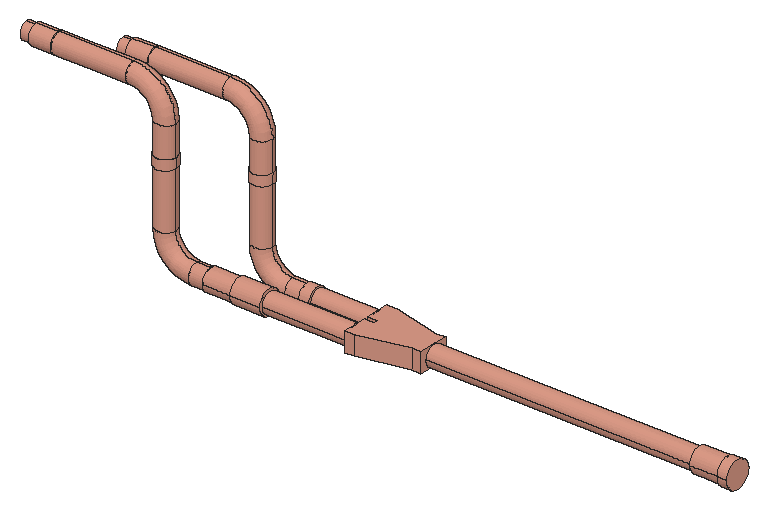
Revit family "outputfile", category 配管付属品, Revit 2024
Family settings
  丸型コネクタ寸法 = 半径を使用
  パーツ タイプ = 標準
  OmniClass 番号 = 23.65.55.00
  OmniClass タイトル = Distribution of Supplied Liquids/Gases
  作業面ベース = いいえ
  常に垂直 = はい
  ロード時にボイドで切り取り = いいえ
  共有 = いいえ
Parameters (values of type "BHFP22MA56")
  Description = ""
  製造元 = "Daikin"
  書き出し IFC クラス(タイプ) = "IfcPipeFittingType"
  Default Elevation = 0.0 mm
  定義済み IFC タイプ(タイプ) = "JUNCTION"
  Cost = 0
  モデル = "BHFP22MA56"
  Type Comments = ""
  Keynote = ""
  Type Image = (empty or 0)
  Assembly Code = ""
  table_PipeToCU_B [instance] = if(mm⇔inch, "Multi Module Kit_BHFP22MA-_Gas_PipeToCU_B", "Multi Module Kit_BHFP22MA-_Gas_PipeToCU_B_inch")  # "Multi Module Kit_BHFP22MA-_Gas_PipeToCU_B"
  table_PipeToCU_A [instance] = if(mm⇔inch, "Multi Module Kit_BHFP22MA-_Gas_PipeToCU_A", "Multi Module Kit_BHFP22MA-_Gas_PipeToCU_A_inch")  # "Multi Module Kit_BHFP22MA-_Gas_PipeToCU_A"
  table_ToMainPipe [instance] = if(mm⇔inch, "Multi Module Kit_BHFP22MA-_Gas_ToMainPipe", "Multi Module Kit_BHFP22MA-_Gas_ToMainPipe_inch")  # "Multi Module Kit_BHFP22MA-_Gas_ToMainPipe"
  switch_PipeToCU_B Reducer [instance] = if(and(Is_PipeToCU_B Reducer = 1, judge_IsOffsetPipe_ToOutdoorUnitB = 0), 1 = 1, 1 = 0)  # yes
  switch_PipeToCU_B4 [instance] = if(number_PipeToCU_B < 4, 1 = 0, 1 = 1)  # no
  switch_PipeToCU_B3 [instance] = if(number_PipeToCU_B < 3, 1 = 0, 1 = 1)  # no
  switch_PipeToCU_B2 [instance] = if(number_PipeToCU_B < 2, 1 = 0, 1 = 1)  # yes
  switch_PipeToCU_A Reducer [instance] = if(Is_PipeToCU_A Reducer = 1, 1 = 1, 1 = 0)  # yes
  switch_ToMainPipe Reducer [instance] = if(Is_ToMainPipe Reducer = 1, 1 = 1, 1 = 0)  # no
  switch_ToMainPipe2 [instance] = if(number_ToMainPipe < 2, 1 = 0, 1 = 1)  # yes
  switch_Offset Reducer(4) [instance] = if(and([judge_JointType(1or2)] = 1, Is_PipeToCU_B Reducer = 1, judge_IsOffsetPipe_ToOutdoorUnitB = 1), 1 = 1, 1 = 0)  # no
  switch_Offset Reducer(3) [instance] = if(and([judge_JointType(1or2)] = 2, Is_PipeToCU_B Reducer = 1, judge_IsOffsetPipe_ToOutdoorUnitB = 1), 1 = 1, 1 = 0)  # no
  r_PipeToCU_B_ActualDiameter [instance] = PipeToCU_B_Gas_ActualDiameter / 2  # 9.55 mm
  r_PipeToCU_A_ActualDiameter [instance] = PipeToCU_A_Gas_ActualDiameter / 2  # 9.55 mm
  r_ToMainPipe_ActualDiameter [instance] = ToMainPipe_Gas_ActualDiameter / 2  # 15.9 mm
  number_PipeToCU_B ReducerPipe [instance] = size_lookup(table_PipeToCU_B, "reducerPipeNumber", 2, モデル, judge_IsOffsetPipe_ToOutdoorUnitB, PipeToCU_B_Gas_ActualDiameter)  # 2
  number_PipeToCU_B [instance] = size_lookup(table_PipeToCU_B, "pipeNumber", 2, モデル, judge_IsOffsetPipe_ToOutdoorUnitB, PipeToCU_B_Gas_ActualDiameter)  # 2
  number_PipeToCU_A ReducerPipe [instance] = size_lookup(table_PipeToCU_A, "reducerPipeNumber", 2, モデル, PipeToCU_A_Gas_ActualDiameter)  # 2
  number_ToMainPipe [instance] = size_lookup(table_ToMainPipe, "pipeNumber", 2, モデル, ToMainPipe_Gas_ActualDiameter)  # 2
  mm⇔inch [instance] = yes
  h_PipeToCU_B Connector [instance] = if(Is_PipeToCU_B Reducer = 1, 200.0 mm, 0.0 mm)  # 200.0 mm
  h_PipeToCU_A Connector [instance] = if(Is_PipeToCU_A Reducer = 1, 200.0 mm, 0.0 mm)  # 200.0 mm
  angle_PipeToCU_B Reducer [instance] = 90.00°  # constant formula
  Unit Type = "BHFP22MA-_Gas"
  Uniclass2015Version = "Products v1.31"
  Uniclass2015Title = "Copper pipe fittings"
  Uniclass2015Code = "Pr_65_52_63_18"
  URL = ""
  ToMainPipe_Gas_Status [instance] = size_lookup(table_ToMainPipe, "Information", "The connected pipe size is not available.", モデル, ToMainPipe_Gas_ActualDiameter)  # "Default connector size is used."
  ToMainPipe_Gas_ActualDiameter [instance] = 31.8 mm
  Tag No. [instance] = ""
  Series = "Multi Module kit"
  PipeToCU_B_Gas_Status [instance] = size_lookup(table_PipeToCU_B, "Information", "The connected pipe size is not available.", モデル, judge_IsOffsetPipe_ToOutdoorUnitB, PipeToCU_B_Gas_ActualDiameter)  # "Reducer is used at connector."
  PipeToCU_B_Gas_ActualDiameter [instance] = 19.1 mm
  PipeToCU_A_Gas_Status [instance] = size_lookup(table_PipeToCU_A, "Information", "The connected pipe size is not available.", モデル, PipeToCU_A_Gas_ActualDiameter)  # "Reducer is used at connector."
  PipeToCU_A_Gas_ActualDiameter [instance] = 19.1 mm
  Material_Piping = DAIKIN_Copper_Pipe
  Material_Insulation = DAIKIN_White_Insulation
  location_PipeToCU_B connector [instance] = size_lookup(table_PipeToCU_B, "Locationconnector", 0.0 mm, モデル, judge_IsOffsetPipe_ToOutdoorUnitB, PipeToCU_B_Gas_ActualDiameter)  # 0.0 mm
  location_PipeToCU_A connector [instance] = size_lookup(table_PipeToCU_A, "Locationconnector", 0.0 mm, モデル, PipeToCU_A_Gas_ActualDiameter)  # 0.0 mm
  l_PipeToCU_B connector [instance] = size_lookup(table_PipeToCU_B, "Length", 414.0 mm, モデル, judge_IsOffsetPipe_ToOutdoorUnitB, PipeToCU_B_Gas_ActualDiameter)  # 414.0 mm
  l_PipeToCU_B Reducer [instance] = 100.0 mm  # constant formula
  l_PipeToCU_B4 [instance] = size_lookup(table_PipeToCU_B, "L_Pipe4", 10.0 mm, モデル)  # 10.0 mm
  l_PipeToCU_B3 [instance] = size_lookup(table_PipeToCU_B, "L_Pipe3", 30.0 mm, モデル)  # 30.0 mm
  l_PipeToCU_B2 [instance] = size_lookup(table_PipeToCU_B, "L_Pipe2", 36.0 mm, モデル)  # 36.0 mm
  l_PipeToCU_B1 [instance] = size_lookup(table_PipeToCU_B, "L_Pipe1", 37.5 mm, モデル)  # 37.5 mm
  l_PipeToCU_B0 [instance] = size_lookup(table_PipeToCU_B, "L_Pipe0", 108.0 mm, モデル)  # 108.0 mm
  l_PipeToCU_A connector [instance] = size_lookup(table_PipeToCU_A, "Length", 320.0 mm, モデル, PipeToCU_A_Gas_ActualDiameter)  # 320.0 mm
  l_PipeToCU_A1 [instance] = size_lookup(table_PipeToCU_A, "L_Pipe1", 13.0 mm, モデル)  # 13.0 mm
  l_PipeToCU_A0 [instance] = size_lookup(table_PipeToCU_A, "L_Pipe0", 75.0 mm, モデル)  # 75.0 mm
  l_ToMainPipe connector [instance] = size_lookup(table_ToMainPipe, "Length", 384.0 mm, モデル, ToMainPipe_Gas_ActualDiameter)  # 384.0 mm
  l_ToMainPipe Reducer [instance] = size_lookup(table_ToMainPipe, "L_Reducer", 2.0 mm, モデル, ToMainPipe_Gas_ActualDiameter)  # 2.0 mm
  l_ToMainPipe2 [instance] = size_lookup(table_ToMainPipe, "L_Pipe2", 12.0 mm, モデル)  # 12.0 mm
  l_ToMainPipe1 [instance] = size_lookup(table_ToMainPipe, "L_Pipe1", 36.0 mm, モデル)  # 36.0 mm
  l_ToMainPipe0 [instance] = size_lookup(table_ToMainPipe, "L_Pipe0", 336.0 mm, モデル)  # 336.0 mm
  judge_IsOffsetPipe_ToOutdoorUnitB [instance] = 0  # constant formula
  judge_JointType(1or2) = 2
  count_PipeToCU_B Reducer [instance] = size_lookup(table_PipeToCU_B, "reducerCount", 1, モデル, judge_IsOffsetPipe_ToOutdoorUnitB, PipeToCU_B_Gas_ActualDiameter)  # 1
  count_PipeToCU_A Reducer [instance] = size_lookup(table_PipeToCU_A, "reducerCount", 1, モデル, PipeToCU_A_Gas_ActualDiameter)  # 1
  angle_PipeToCU_A Reducer [instance] = 90.00°  # constant formula
  angle_PipeToCU_A Connector [instance] = 90.00°  # constant formula
  PipeToCU_B_Gas_AvailableDiameter [instance] = size_lookup(table_PipeToCU_B, "sizeVariation", "", モデル, judge_IsOffsetPipe_ToOutdoorUnitB)  # "19.1/22.2mm"
  PipeToCU_A_Gas_AvailableDiameter [instance] = size_lookup(table_PipeToCU_A, "sizeVariation", "", モデル)  # "19.1/22.2mm"
  ToMainPipe_Gas_AvailableDiameter [instance] = size_lookup(table_ToMainPipe, "sizeVariation", "", モデル)  # "28.6/31.8mm"
  O.D_ToMainPipe Reducer [instance] = size_lookup(table_ToMainPipe, "O.D_reducer", 2.0 mm, モデル, ToMainPipe_Gas_ActualDiameter)  # 2.0 mm
  Link_Nested Family [instance] = ""
  Is_PipeToCU_B Reducer [instance] = size_lookup(table_PipeToCU_B, "IsReducer", 1, モデル, judge_IsOffsetPipe_ToOutdoorUnitB, PipeToCU_B_Gas_ActualDiameter)  # 1
  Is_PipeToCU_A Reducer [instance] = size_lookup(table_PipeToCU_A, "IsReducer", 1, モデル, PipeToCU_A_Gas_ActualDiameter)  # 1
  Is_ToMainPipe Reducer [instance] = size_lookup(table_ToMainPipe, "IsReducer", 0, モデル, ToMainPipe_Gas_ActualDiameter)  # 0
  IfcVersion = ""
  IfcExportType = "JUNCTION"
  IfcExportAs = "IfcPipeFittingType"
  Attach_Insulation [instance] = no
  I.D_PipeToCU_B4 [instance] = size_lookup(table_PipeToCU_B, "I.D_PipeSize4", 19.1 mm, モデル)  # 19.1 mm
  I.D_PipeToCU_B3 [instance] = size_lookup(table_PipeToCU_B, "I.D_PipeSize3", 22.2 mm, モデル)  # 22.2 mm
  I.D_PipeToCU_B2 [instance] = size_lookup(table_PipeToCU_B, "I.D_PipeSize2", 25.4 mm, モデル)  # 25.4 mm
  I.D_PipeToCU_B1 [instance] = size_lookup(table_PipeToCU_B, "I.D_PipeSize1", 28.6 mm, モデル)  # 28.6 mm
  I.D_PipeToCU_B0 [instance] = size_lookup(table_PipeToCU_B, "I.D_PipeSize0", 23.4 mm, モデル)  # 23.4 mm
  I.D_PipeToCU_A1 [instance] = 25.4 mm  # constant formula
  I.D_PipeToCU_A0 [instance] = 22.2 mm  # constant formula
  I.D_ToMainPipe Reducer [instance] = size_lookup(table_ToMainPipe, "I.D_reducer", 2.0 mm, モデル, ToMainPipe_Gas_ActualDiameter)  # 2.0 mm
  I.D_ToMainPipe2 [instance] = size_lookup(table_ToMainPipe, "I.D_PipeSize2", 31.8 mm, モデル)  # 31.8 mm
  I.D_ToMainPipe1 [instance] = size_lookup(table_ToMainPipe, "I.D_PipeSize1", 28.6 mm, モデル)  # 28.6 mm
  I.D_ToMainPipe0 [instance] = size_lookup(table_ToMainPipe, "I.D_PipeSize0", 23.4 mm, モデル)  # 23.4 mm
Reference planes
  plane 1 "Center (Front/Back)": y = 0
  plane 2: z = 0
  plane 3 "Center (Left/Right)": x = 225.65
  plane 4: x = 213.65
  plane 5: x = 177.65
  plane 6: x = -158.35
  plane 7: x = -243.35
  plane 8: x = -331.35
  plane 9: x = -351.35
  plane 10: x = -388.85
  plane 11: x = -424.85
  plane 12: x = -454.85
  plane 13: x = -464.85
  plane 14: y = 17.5
  plane 15: y = -17.491
  plane 16: x = -318.35
  plane 17: x = -108.35
  plane 18 "ToMainPipe_connector": x = 225.65
  plane 19 "connector_OutdoorunitA": x = -243.35
  plane 20 "connectorLocation_TooutdoorUnitB": y = -17.491
  plane 21 "connector_ToOutdoorUnitB": x = -657.35
Forms (mm)
  Extrusion 1, solid, material "DAIKIN_Copper_Pipe" <- "Material_Piping"
    sketch origin (0, 0, 0) x (1, 0, 0) y (0, 1, 0)
      loop
        line (-243.35, 1.998) -> (-231.35, 1.998) -> (-231.35, -1.998) -> (-243.35, -1.998) -> (-243.35, -33.29) -> (-231.35, -33.29) -> (-170.35, -19.109) -> (-158.35, -19.109) -> (-158.35, 18.821) -> (-170.35, 18.821) -> (-231.35, 33.29) -> (-243.35, 33.29) -> (-243.35, 1.998)
    from -12.2 to 12.2
Dimensions and locks
  locked: Extrusion 1 sketch curve to Extrusion 1 sketch curve at 37.93
  locked: Extrusion 1 sketch curve to Extrusion 1 sketch curve at 66.58
  locked: plane 6 to plane 17 at 50
  "l_PipeToCU_A0": plane 16 to plane 7
  "l_PipeToCU_A1": plane 8 to plane 16
  "l_PipeToCU_B0": plane 9 to plane 7
  "l_PipeToCU_B1": plane 10 to plane 9
  "l_PipeToCU_B2": plane 11 to plane 10
  "l_PipeToCU_B3": plane 12 to plane 11
  "l_PipeToCU_B4": plane 13 to plane 12
  locked: plane 7 to plane 6 at 85
  plane 17 to plane 5 = 286.0 mm
  "l_ToMainPipe1": plane 5 to plane 4
  "l_ToMainPipe2": plane 4 to plane 3 "Center (Left/Right)"
  "l_ToMainPipe0": plane 6 to plane 5
  "l_ToMainPipe connector": plane 6 to plane 18 "ToMainPipe_connector"
  "location_PipeToCU_A connector": plane 19 "connector_OutdoorunitA" to plane 7
  "l_PipeToCU_B connector": plane 21 "connector_ToOutdoorUnitB" to plane 7
  "location_PipeToCU_B connector": plane 20 "connectorLocation_TooutdoorUnitB" to plane 15
  plane 14 to plane 1 "Center (Front/Back)" to plane 15 = 17.5 mm locked, 17.491 mm locked
  plane 21 "connector_ToOutdoorUnitB" to plane 18 "ToMainPipe_connector" = 883.0 mm
  aligned and locked: level to plane 2
  aligned and locked: plane 2 to nested 1
  aligned and locked: plane 1 "Center (Front/Back)" to nested 1
  aligned and locked: plane 3 "Center (Left/Right)" to nested 1
  aligned and locked: plane 4 to nested 1
  aligned and locked: plane 4 to nested 2
  aligned and locked: plane 5 to nested 2
  aligned and locked: plane 5 to nested 3
  aligned and locked: plane 6 to nested 3
  aligned and locked: plane 6 to Extrusion 1
  aligned and locked: Extrusion 1 to plane 7  (x2)
  aligned and locked: plane 7 to nested 4
  aligned and locked: plane 8 to nested 5
  aligned and locked: plane 16 to nested 5
  aligned and locked: nested 5 to plane 14
  aligned and locked: nested 6 to plane 15
  aligned and locked: plane 7 to nested 6
  aligned and locked: plane 9 to nested 6
  aligned and locked: plane 10 to nested 7
  aligned and locked: plane 9 to nested 7
  aligned and locked: plane 11 to nested 8
  aligned and locked: plane 10 to nested 8
  aligned and locked: plane 12 to nested 9
  aligned and locked: plane 11 to nested 9
  aligned and locked: plane 13 to nested 10
  aligned and locked: plane 12 to nested 10
  aligned and locked: nested 10 to plane 15
  aligned and locked: nested 9 to plane 15
  aligned and locked: nested 8 to plane 15
  aligned and locked: nested 7 to plane 15
  aligned and locked: plane 1 "Center (Front/Back)" to nested 11
  aligned and locked: plane 17 to nested 11
  aligned and locked: plane 16 to nested 4
  aligned and locked: nested 12 to plane 14
  aligned and locked: plane 8 to nested 12
  aligned and locked: plane 1 "Center (Front/Back)" to nested 13
  aligned and locked: plane 18 "ToMainPipe_connector" to nested 13
  aligned and locked: plane 6 to nested 14
  aligned and locked: plane 1 "Center (Front/Back)" to nested 3
  aligned and locked: plane 14 to nested 15
  aligned and locked: nested 15 to plane 19 "connector_OutdoorunitA"
  aligned and locked: nested 16 to plane 20 "connectorLocation_TooutdoorUnitB"
  aligned and locked: nested 16 to plane 7
  aligned and locked: plane 11 to nested 17
  aligned and locked: nested 16 to plane 15
Automatic sketch dimensions
  Extrusion 1 sketch curve to plane 7 = 0.0 mm  (x2)
  Extrusion 1 sketch curve to plane 6 = 0.0 mm
  Extrusion 1 sketch curve to Extrusion 1 sketch curve = 12.0 mm  (x3)
  Extrusion 1 sketch curve to plane 1 "Center (Front/Back)" = 1.998 mm
  plane 14 to Extrusion 1 sketch curve = 1.321 mm
  Extrusion 1 sketch curve to plane 6 = 12.0 mm  (x2)
  Extrusion 1 sketch curve to plane 15 = 15.799 mm
  plane 1 "Center (Front/Back)" to Extrusion 1 sketch curve = 1.998 mm
Nested families
  nested 1: "daikin_Pipe" at (219.65, 0, 0), I.D_Pipe <- "I.D_ToMainPipe2", display <- "switch_ToMainPipe2", type "*"
    with length_Pipe 12.0 mm, display yes, O.D_Pipe 33.8 mm, I.D_Pipe 31.8 mm
  nested 2: "daikin_Pipe" at (195.65, 0, 0), I.D_Pipe <- "I.D_ToMainPipe1", type "*"
    with length_Pipe 36.0 mm, display yes, O.D_Pipe 30.6 mm, I.D_Pipe 28.6 mm
  nested 3: "daikin_Pipe" at (9.65, 0, 0), I.D_Pipe <- "I.D_ToMainPipe0", type "*"
    with length_Pipe 336.0 mm, display yes, O.D_Pipe 25.4 mm, I.D_Pipe 23.4 mm
  nested 4: "daikin_Pipe" at (-280.85, 17.644, 0), I.D_Pipe <- "I.D_PipeToCU_A0", type "*"
    with length_Pipe 75.0 mm, display yes, O.D_Pipe 24.2 mm, I.D_Pipe 22.2 mm
  nested 5: "daikin_Pipe" at (-324.85, 17.5, 0), I.D_Pipe <- "I.D_PipeToCU_A1", type "*"
    with length_Pipe 13.0 mm, display yes, O.D_Pipe 27.4 mm, I.D_Pipe 25.4 mm
  nested 6: "daikin_Pipe" at (-297.35, -17.491, 0), I.D_Pipe <- "I.D_PipeToCU_B0", type "*"
    with length_Pipe 108.0 mm, display yes, O.D_Pipe 25.4 mm, I.D_Pipe 23.4 mm
  nested 7: "daikin_Pipe" at (-370.1, -17.491, 0), I.D_Pipe <- "I.D_PipeToCU_B1", type "*"
    with length_Pipe 37.5 mm, display yes, O.D_Pipe 30.6 mm, I.D_Pipe 28.6 mm
  nested 8: "daikin_Pipe" at (-406.85, -17.491, 0), I.D_Pipe <- "I.D_PipeToCU_B2", display <- "switch_PipeToCU_B2", type "*"
    with length_Pipe 36.0 mm, display yes, O.D_Pipe 27.4 mm, I.D_Pipe 25.4 mm
  nested 9: "daikin_Pipe" at (-439.85, -17.491, 0), display <- "switch_PipeToCU_B3", I.D_Pipe <- "I.D_PipeToCU_B3", visible <- "switch_PipeToCU_B3", type "*"
    with length_Pipe 30.0 mm, display no, O.D_Pipe 24.2 mm, I.D_Pipe 22.2 mm
  nested 10: "daikin_Pipe" at (-459.85, -17.491, 0), display <- "switch_PipeToCU_B4", I.D_Pipe <- "I.D_PipeToCU_B4", visible <- "switch_PipeToCU_B4", type "*"
    with length_Pipe 10.0 mm, display no, O.D_Pipe 21.1 mm, I.D_Pipe 19.1 mm
  nested 11: "daikin_MultiModeluKit_Insulation" at (-108.35, 0, 0), display <- "Attach_Insulation", type "*"
    with h 54.2 mm, display no, I.D_Outlet PipeSize 22.2 mm
  nested 12: "daikin_Multi Module kit_Reducer90_rotate" at (-331.35, 17.5, 0), number_reducerPipe <- "number_PipeToCU_A ReducerPipe", angle_Pipe <- "angle_PipeToCU_A Reducer", visible <- "switch_PipeToCU_A Reducer", type "PipeToCU_A"
    with number_reducerPipe 2, angle_Pipe 90.00°, I.D_connector 19.1 mm
  nested 13: "daikin_Pipe_reducer" at (224.65, 0, 0), I.D_Pipe1 <- "I.D_ToMainPipe Reducer", O.D_Pipe2 <- "O.D_ToMainPipe Reducer", length_Pipe <- "l_ToMainPipe Reducer", display <- "switch_ToMainPipe Reducer", type "*"
    with length_Pipe 2.0 mm, display no, O.D_Pipe2 2.0 mm, O.D_Pipe1 4.0 mm, I.D_Pipe2 0.0 mm, I.D_Pipe1 2.0 mm
  nested 14: "daikin_connector_rotate3" at (-158.35, 0, 0) x (0, 1, 0) z (0, 0, 1), length <- "l_ToMainPipe connector", type "daikin_connector_rotate3"
    with radius 10.0 mm, length 384.0 mm, angle_vertical 90.00°, angle_horizontal 0.00°
  nested 15: "daikin_connector_rotate3" at (-243.35, 17.5, 200) x (-1, 0, 0) z (0, 0, 1), length <- "l_PipeToCU_A connector", angle_vertical <- "angle_PipeToCU_A Connector", built-in parameter 1001364 <- "h_PipeToCU_A Connector", type "daikin_connector_rotate3"
    with radius 10.0 mm, length 320.0 mm, angle_vertical 90.00°, angle_horizontal 90.00°
  nested 16: "daikin_connector_rotate3" at (-243.35, -17.491, 200) x (0, -1, 0) z (0, 0, 1), length <- "l_PipeToCU_B connector", built-in parameter 1001364 <- "h_PipeToCU_B Connector", type "daikin_connector_rotate3"
    with radius 10.0 mm, length 414.0 mm, angle_vertical 90.00°, angle_horizontal 0.00°
  nested 17: "daikin_Multi Module kit_Reducer90_rotate" at (-424.85, -17.491, 0), number_reducerPipe <- "number_PipeToCU_B ReducerPipe", angle_Pipe <- "angle_PipeToCU_B Reducer", visible <- "switch_PipeToCU_B Reducer", type "PipeToCU_B"
    with number_reducerPipe 2, angle_Pipe 90.00°, I.D_connector 34.9 mm, l_Pipe0 57.5 mm
Connectors
  piping at (225.65, 0, 0), diameter 31.8, driven by "r_ToMainPipe_ActualDiameter"
    settings: on nested 14, index 1, connector inside diameter 609.6 mm, connector length 0.0 mm, flow factor 0, pipe flow 0.00 m³/h, pressure drop 0.0 Pa, fitting loss kfactor 0, connector angle 0.00°, fixture units 0, engagement length 0.0 mm, angle of deflection 0.00°, flow configuration 0, flow direction 1, fitting loss method 0, system type 29, joint type 0, gender type 0, connector reference index -1, connector utility 0, adjustable connector no, is connector primary yes, connector description "Multi Module kit_to Main Pipe_Gas"
  piping at (-563.35, 17.5, 200), diameter 19.1, driven by "r_PipeToCU_A_ActualDiameter"
    settings: on nested 15, index 2, connector inside diameter 609.6 mm, connector length 0.0 mm, flow factor 0, pipe flow 0.00 m³/h, pressure drop 0.0 Pa, fitting loss kfactor 0, connector angle 0.00°, fixture units 0, engagement length 0.0 mm, angle of deflection 0.00°, flow configuration 0, flow direction 2, fitting loss method 0, system type 29, joint type 0, gender type 0, connector reference index -1, connector utility 0, adjustable connector no, is connector primary no, connector description "Multi Module kit_Piping to CU-A_Gas"
  piping at (-657.35, -17.491, 200), diameter 19.1, driven by "r_PipeToCU_B_ActualDiameter"
    settings: on nested 16, index 3, connector inside diameter 609.6 mm, connector length 0.0 mm, flow factor 0, pipe flow 0.00 m³/h, pressure drop 0.0 Pa, fitting loss kfactor 0, connector angle 0.00°, fixture units 0, engagement length 0.0 mm, angle of deflection 0.00°, flow configuration 0, flow direction 2, fitting loss method 0, system type 29, joint type 0, gender type 0, connector reference index -1, connector utility 0, adjustable connector no, is connector primary no, connector description "Multi Module kit_Piping to CU-B_Gas"
Definition of nested family "daikin_Pipe"
  Parameters (values of type "*")
    Default Elevation = 0.0 mm
    material = none
    length_Pipe [instance] = 150.0 mm
    display [instance] = yes
    O.D_Pipe [instance] = I.D_Pipe + 2.0 mm  # 27.0 mm
    I.D_Pipe [instance] = 25.0 mm
  Reference planes
    plane 1 "Center (Front/Back)": y = 0
    plane 2 "center(vertical)": z = 0
    plane 3 "Center (Left/Right)": x = 0
    plane 4 "left": x = -75
    plane 5 "right": x = 75
  Forms (mm)
    Extrusion 1, solid, material <- "material", visible <- "display"
      sketch origin (0, 0, 0) x (0, 1, 0) y (0, 0, 1)
        loop
          circle (0, 0) r 13.5
      from -75 to 75
  Dimensions and locks
    equal spacing: plane 4 "left", plane 3 "Center (Left/Right)", plane 5 "right"
    "length_Pipe": plane 4 "left" to plane 5 "right"
    "O.D_Pipe": diameter of Extrusion 1 sketch curve
    aligned and locked: level to plane 2 "center(vertical)"
    aligned and locked: plane 2 "center(vertical)" to Extrusion 1 sketch curve
    aligned and locked: plane 1 "Center (Front/Back)" to Extrusion 1 sketch curve
    aligned and locked: plane 5 "right" to Extrusion 1
    aligned and locked: Extrusion 1 to plane 4 "left"
Definition of nested family "daikin_Multi Module kit_Reducer90_rotate"
  Parameters (values of type "PipeToCU_A")
    Default Elevation = 0.0 mm
    number_reducerPipe [instance] = 4
    material_Pipe = none
    l_Pipe0 = 57.0 mm
    angle_Pipe [instance] = 30.00°
    I.D_connector [instance] = 34.9 mm
  Types (2, lengths in mm): name | l_Pipe0
    PipeToCU_A | 57.0
    PipeToCU_B | 55.0
  Reference planes
    plane 1 "Center (Front/Back)": y = 0
    plane 2: z = 0
    plane 3 "Center (Left/Right)": x = 0
  Dimensions and locks
    "angle_Pipe": angle plane 2 to nested 1
    aligned and locked: level to plane 2
  Nested families
    nested 1: "daikin_Multi Module kit_Reducer90" at (0, 0, 0) x (1, 0, 0) z (0, -0.5, 0.866), I.D_connector <- "I.D_connector", ReducerPipe <- "number_reducerPipe", l_Pipe0 <- "l_Pipe0", type "*"
      with l_Pipe0 57.0 mm, display_Pipe4 no, display_Pipe3 no, ReducerPipe 4, I.D_connector 34.9 mm
  Definition of nested family "daikin_Multi Module kit_Reducer90"
    Parameters (values of type "*")
      Default Elevation = 0.0 mm
      material_Pipe = none
      l_Pipe0 [instance] = 57.0 mm
      display_Pipe4 [instance] = ReducerPipe = 2  # no
      display_Pipe3 [instance] = or(ReducerPipe = 1, ReducerPipe = 2)  # no
      ReducerPipe [instance] = 0
      O.D_Pipe4 = 19.1 mm + 2.0 mm  # 21.1 mm
      O.D_Pipe3 = 24.9 mm  # constant formula
      O.D_Pipe2 = 25.4 mm  # constant formula
      O.D_Pipe1 = 27.4 mm  # constant formula
      O.D_Pipe0 = 25.4 mm  # constant formula
      I.D_connector [instance] = 0.0 mm
    Reference planes
      plane 1 "Center (Front/Back)": y = 0
      plane 2 "center_vertical": z = 0
      plane 3 "Center (Left/Right)": x = 0
      plane 4 "center_toOutdoor": x = -57
      plane 5: y = 110
      plane 6: y = 122
      plane 7: y = 200
      plane 8: x = -192
      plane 9: x = -220
      plane 10: x = -232
    Forms (mm)
      Sweep 1, solid, material <- "material_Pipe"
        path origin (0, 0, 0) x (1, 0, 0) y (0, 1, 0)
          loop
            line (0, 0) -> (-18.241, 0)
            arc (-18.241, 0) -> (-45.648, 11.352) -> (-57, 38.759) r 38.759
            line (-57, 38.759) -> (-57, 110)
        profile origin (-9.12, 0, 0) x (0, -1, 0) y (0, 0, 1)
          loop
            circle (0, 0) r 12.7
      Extrusion 2, solid, material <- "material_Pipe"
        sketch origin (0, 0, 0) x (1, 0, 0) y (0, 0, 1)
          loop
            circle (-57, 0) r 13.7
        from -122 to -110
      Sweep 3, solid, material <- "material_Pipe"
        path origin (0, 0, 0) x (1, 0, 0) y (0, 1, 0)
          loop
            line (-57, 122) -> (-57, 160)
            arc (-57, 160) -> (-68.716, 188.284) -> (-97, 200) r 40
            line (-97, 200) -> (-192, 200)
        profile origin (-57, 141, 0) x (-1, 0, 0) y (0, 0, 1)
          loop
            circle (0, 0) r 12.7
      Extrusion 4, solid, material <- "material_Pipe", visible <- "display_Pipe3"
        sketch origin (0, 0, 0) x (0, 1, 0) y (0, 0, 1)
          loop
            circle (200, 0) r 12.45
        from -220 to -192
      Extrusion 5, solid, material <- "material_Pipe", visible <- "display_Pipe4"
        sketch origin (0, -10.14, 0) x (0, 1, 0) y (0, 0, 1)
          loop
            circle (210.14, 0) r 10.55
        from -232 to -220
    Lines and regions (mm)
      reference lines
        curve 1: line (0, 0, 0) -> (-57, 0, 0)
    Dimensions and locks
      locked: plane 1 "Center (Front/Back)" to plane 5 at 110
      locked: plane 6 to plane 5 at 12
      "l_Pipe0": plane 4 "center_toOutdoor" to plane 3 "Center (Left/Right)"
      plane 1 "Center (Front/Back)" to plane 7 = 200.0 mm
      locked: plane 8 to plane 4 "center_toOutdoor" at 135
      locked: plane 9 to plane 8 at 28
      locked: plane 10 to plane 9 at 12
      plane 10 to plane 3 "Center (Left/Right)" = 232.0 mm
      "O.D_Pipe0": diameter of Sweep 1 sketch curve
      "O.D_Pipe1": diameter of Extrusion 2 sketch curve
      "O.D_Pipe2": diameter of Sweep 3 sketch curve
      "O.D_Pipe3": diameter of Extrusion 4 sketch curve
      "O.D_Pipe4": diameter of Extrusion 5 sketch curve
      aligned and locked: level to plane 2 "center_vertical"
      aligned and locked: plane 6 to Extrusion 2
      aligned and locked: Extrusion 2 to plane 5
      aligned and locked: Sweep 1 sketch curve to plane 1 "Center (Front/Back)"
      aligned and locked: plane 3 "Center (Left/Right)" to curve 1
      aligned and locked: curve 1 to plane 1 "Center (Front/Back)"
      aligned and locked: plane 4 "center_toOutdoor" to Sweep 3 sketch curve
      aligned and locked: plane 2 "center_vertical" to Sweep 3 sketch curve
      aligned and locked: plane 2 "center_vertical" to Extrusion 4 sketch curve
      aligned and locked: plane 7 to Extrusion 4 sketch curve
      aligned and locked: Extrusion 4 to plane 9
      aligned and locked: plane 8 to Extrusion 4
      aligned and locked: Extrusion 5 to plane 10
      aligned and locked: plane 9 to Extrusion 5
      aligned and locked: plane 7 to Extrusion 5 sketch curve
      aligned and locked: plane 2 "center_vertical" to Extrusion 5 sketch curve
    Automatic sketch dimensions
      Sweep 1 sketch curve to plane 4 "center_toOutdoor" = 0.0 mm
      Sweep 1 sketch curve to plane 3 "Center (Left/Right)" = 0.0 mm
      Sweep 1 sketch curve to plane 5 = 0.0 mm
      Sweep 1 sketch curve to plane 3 "Center (Left/Right)" = 18.241 mm
      curve 1 to plane 4 "center_toOutdoor" = 0.0 mm
      Sweep 3 sketch curve to plane 7 = 0.0 mm
      Sweep 3 sketch curve to plane 8 = 0.0 mm
      Sweep 3 sketch curve to plane 4 "center_toOutdoor" = 0.0 mm
      Sweep 3 sketch curve to plane 6 = 0.0 mm
      Sweep 3 sketch curve to plane 4 "center_toOutdoor" = 40.0 mm
      Sweep 1 sketch curve to level = 0.0 mm
      Sweep 1 sketch curve to profile plane = 0.0 mm
      Extrusion 2 sketch curve to level = 0.0 mm
      Extrusion 2 sketch curve to plane 4 "center_toOutdoor" = 0.0 mm
Definition of nested family "daikin_MultiModeluKit_Insulation"
  Parameters (values of type "*")
    Default Elevation = 0.0 mm
    Model = ""
    material = none
    h [instance] = (I.D_Outlet PipeSize + 2.0 mm) + 30.0 mm  # 47.0 mm
    display [instance] = yes
    I.D_Outlet PipeSize [instance] = 15.0 mm
  Reference planes
    plane 1 "Center (Front/Back)": y = 0
    plane 2: z = 0
    plane 3 "Left": x = 0
    plane 4 "top": z = 23.5
    plane 5 "bottom": z = -23.5
  Forms (mm)
    Extrusion 1, solid, material <- "material", visible <- "display"
      sketch origin (0, 0, 0) x (1, 0, 0) y (0, 1, 0)
        loop
          line (0, -27.7) -> (0, 27.7) -> (-123, 45.79) -> (-206, 45.79) -> (-206, 7.021) -> (-269.393, 10) -> (-321, 10) -> (-321, -45.79) -> (-123, -45.79) -> (0, -27.7)
      from -23.5 to 23.5
  Dimensions and locks
    equal spacing: plane 4 "top", plane 2, plane 5 "bottom"
    "h": plane 4 "top" to plane 5 "bottom"
    aligned and locked: level to plane 2
    aligned and locked: plane 3 "Left" to Extrusion 1
    aligned and locked: Extrusion 1 to plane 5 "bottom"
    aligned and locked: plane 4 "top" to Extrusion 1
  Automatic sketch dimensions
    Extrusion 1 sketch curve to plane 3 "Left" = 0.0 mm
    Extrusion 1 sketch curve to plane 1 "Center (Front/Back)" = 45.79 mm
    Extrusion 1 sketch curve to plane 3 "Left" = 123.0 mm
    Extrusion 1 sketch curve to Extrusion 1 sketch curve = 83.0 mm
    Extrusion 1 sketch curve to plane 1 "Center (Front/Back)" = 10.0 mm
    Extrusion 1 sketch curve to Extrusion 1 sketch curve = 63.393 mm
    Extrusion 1 sketch curve to Extrusion 1 sketch curve = 51.607 mm
    Extrusion 1 sketch curve to plane 1 "Center (Front/Back)" = 7.021 mm
    plane 1 "Center (Front/Back)" to Extrusion 1 sketch curve = 45.79 mm
    Extrusion 1 sketch curve to plane 1 "Center (Front/Back)" = 27.7 mm
    Extrusion 1 sketch curve to Extrusion 1 sketch curve = 0.0 mm
    plane 1 "Center (Front/Back)" to Extrusion 1 sketch curve = 27.7 mm
Definition of nested family "daikin_Pipe_reducer"
  Parameters (values of type "*")
    Default Elevation = 0.0 mm
    material = none
    length_Pipe [instance] = 250.0 mm
    display [instance] = yes
    O.D_Pipe2 [instance] = 19.1 mm
    O.D_Pipe1 [instance] = I.D_Pipe1 + 2.0 mm  # 24.2 mm
    I.D_Pipe2 [instance] = O.D_Pipe2 - 2.0 mm  # 17.1 mm
    I.D_Pipe1 [instance] = 22.2 mm
  Reference planes
    plane 1 "Center (Front/Back)": y = 0
    plane 2 "center(vertical)": z = 0
    plane 3 "Center (Left/Right)": x = 0
    plane 4 "connection": x = -125
    plane 5 "right": x = 113
    plane 6: x = 125
  Forms (mm)
    Extrusion 1, solid, material <- "material", visible <- "display"
      sketch origin (0, 0, 0) x (0, 1, 0) y (0, 0, 1)
        loop
          circle (0, 0) r 9.55
      from -125 to 113
    Extrusion 2, solid, material <- "material", visible <- "display"
      sketch origin (0, 0, 0) x (0, 1, 0) y (0, 0, 1)
        loop
          circle (0, 0) r 12.1
      from 113 to 125
  Dimensions and locks
    locked: plane 5 "right" to plane 6 at 12
    "length_Pipe": plane 4 "connection" to plane 6
    equal spacing: plane 4 "connection", plane 3 "Center (Left/Right)", plane 6
    "O.D_Pipe2": diameter of Extrusion 1 sketch curve
    "O.D_Pipe1": diameter of Extrusion 2 sketch curve
    aligned and locked: level to plane 2 "center(vertical)"
    aligned and locked: plane 2 "center(vertical)" to Extrusion 1 sketch curve
    aligned and locked: plane 1 "Center (Front/Back)" to Extrusion 1 sketch curve
    aligned and locked: plane 5 "right" to Extrusion 1
    aligned and locked: Extrusion 1 to plane 4 "connection"
    aligned and locked: plane 2 "center(vertical)" to Extrusion 2 sketch curve
    aligned and locked: plane 1 "Center (Front/Back)" to Extrusion 2 sketch curve
    aligned and locked: Extrusion 2 to plane 5 "right"
    aligned and locked: plane 6 to Extrusion 2
Definition of nested family "daikin_connector_rotate3"
  Parameters (values of type "daikin_connector_rotate3")
    Default Elevation = 1219.2 mm
    show_face = no
    show_circle = no
    radius [instance] = 10.0 mm
    length [instance] = 600.0 mm
    angle_horizontal [instance] = 60.00°
    angle_vertical [instance] = 90.00°
  Reference planes
    plane 1 "Center (Front/Back)": y = 0
    plane 2: z = 0
    plane 3 "Center (Left/Right)": x = 0
  Dimensions and locks
    "angle_horizontal": angle plane 3 "Center (Left/Right)" to nested 1
    aligned and locked: level to plane 2
    aligned and locked: plane 1 "Center (Front/Back)" to nested 1  (x2)
    aligned and locked: plane 3 "Center (Left/Right)" to nested 1
  Nested families
    nested 1: "daikin_connector_rotate2" at (0, 0, 0) x (0.5, 0.866, 0) z (0, 0, 1), angle_vertical <- "angle_vertical", length <- "length", radius <- "radius", type "daikin_connector_rotate2"
      with radius 10.0 mm, length 600.0 mm, angle_vertical 90.00°, Default Elevation 0.0 mm, show_circle no
  Definition of nested family "daikin_connector_rotate2"
    Parameters (values of type "daikin_connector_rotate2")
      Default Elevation = 1219.2 mm
      show_face = no
      show_circle = yes
      radius [instance] = 10.0 mm
      length [instance] = 600.0 mm
      d_surface = 10.0 mm
      angle_vertical [instance] = 90.00°
    Reference planes
      plane 1 "Center (Front/Back)": y = 0
      plane 2: z = 0
      plane 3 "Center (Left/Right)": x = 0
    Forms (mm)
      Extrusion 1, solid, visible <- "show_face"
        sketch origin (0, -600, 0) x (1, 0, 0) y (0, 0, 1)
          loop
            circle (0, 0) r 10
        from 0 to -10
    Lines and regions (mm)
      reference lines
        curve 1: line (0, 0, 0) -> (0, -600, 0)
      symbolic lines, visible <- "show_circle"
        curve 2: circle (0, 0, 0) r 5 normal (0, 0, 1)
      model lines, visible <- "show_face"
        curve 3: line (0, 0, 0) -> (0, -600, 0)
    Dimensions and locks
      "length": curve 1 to curve 1
      "length": curve 3 to curve 3
      "d_surface": Extrusion 1 to Extrusion 1
      "radius": radius of Extrusion 1 sketch curve
      "angle_vertical": angle curve 1 to plane 1 "Center (Front/Back)"
      "angle_vertical": angle curve 3 to plane 1 "Center (Front/Back)"
      aligned and locked: level to plane 2
      aligned and locked: plane 1 "Center (Front/Back)" to curve 1
      aligned and locked: plane 2 to curve 1
      aligned and locked: plane 1 "Center (Front/Back)" to curve 2
      aligned and locked: plane 3 "Center (Left/Right)" to curve 2
      aligned and locked: plane 1 "Center (Front/Back)" to curve 3
      aligned and locked: plane 2 to curve 3
      aligned and locked: Extrusion 1 to Extrusion 1
    Automatic sketch dimensions
      Extrusion 1 sketch curve to level = 0.0 mm
      Extrusion 1 sketch curve to plane 3 "Center (Left/Right)" = 0.0 mm
      radius of curve 2 = 5.0 mm
